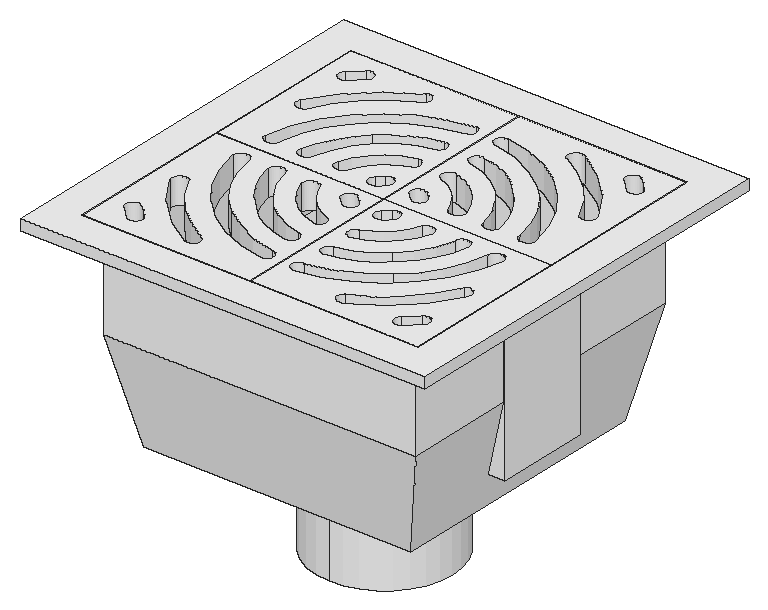
Revit family "FS720-30", category Plumbing Fixtures, host Face, Revit 2018
Family settings
  Host = Face
  Round Connector Dimension = Use Radius
  Part Type = Normal
  Cut with Voids When Loaded = No
  Shared = No
  Room Calculation Point = No
Parameters (values of type "FS724-30_4" Socket")
  WFU = 0
  URL = "WWW.MIFAB.COM"
  Pipe Radius = Pipe Diameter / 2  # 0' - 2"
  Pipe Diameter = 0' - 4"
  Model = "FS720-30"
  Manufacturer = "MIFAB"
  Floor Drain Material = Paint - Sherwin Williams Paint - #952C2A - Bellwood Red
  Description = "12” SQUARE X 6” DEEP PVC FLOOR SINK"
  Default Elevation = 0' - 0"
  CWFU = 0
  Body Height = 0' - 9 1/8"
  Assembly Code = ""
Types (4): name | Pipe Radius | Pipe Diameter
  (no name) | 0' - 2" | 0' - 4"
  FS722-30_2" Socket | 0' - 1" | 0' - 2"
  FS723-30_3" Socket | 0' - 1 1/2" | 0' - 3"
  FS724-30_4" Socket | 0' - 2" | 0' - 4"
Reference planes (in)
  plane 1 "Center (Front/Back)": y = 0
  plane 2: z = 0
  plane 3 "Center (Left/Right)": x = 0
  plane 4: z = -3
  plane 5: z = -2.375
  plane 6: y = -2
  plane 7: y = 2
  plane 8: z = -6
  plane 9: z = -9.125
  plane 10: x = -5.9
  plane 11: x = 5.9
  plane 12: y = 5.9
  plane 13: y = -5.9
  plane 14: x = -4.9
  plane 15: x = 4.9
  plane 16: y = 4.9
  plane 17: y = -4.9
  plane 18: z = -0.3149606
  plane 19: x = -4.4
  plane 20: x = 4.4
  plane 21: y = 4.4
  plane 22: y = -4.4
  plane 23: x = -3.9019734
  plane 24: x = 3.9019734
Forms (in)
  Revolve 1, solid, material "Paint - Sherwin Williams Paint - #952C2A - Bellwood Red" <- "Floor Drain Material"
    sketch origin (0, 0.0439589, -2.375) x (0, 1, 0) y (0, 0, 1)
      loop
        line (-2.0439589, -3.625) -> (-2.0439589, -6.75) -> (-1.8447402, -6.75) -> (-1.8447402, -3.625) -> (-2.0439589, -3.625)
      axis (-0.0439589, -6.75) -> (-0.0439589, -3.625)
    angle from 0 to 360
  Sweep 2, solid, material "Paint - Sherwin Williams Paint - #952C2A - Bellwood Red" <- "Floor Drain Material"
    path origin (0, 0, 0) x (1, 0, 0) y (0, 1, 0)
      loop
        line (4.9, 4.9) -> (-4.9, 4.9) -> (-4.9, -4.9) -> (4.9, -4.9) -> (4.9, 4.9)
    profile origin (4.9, 0, 0) x (1, 0, 0) y (0, 0, 1)
      loop
        line (0, -0.75) -> (-0.5, -0.75) -> (-0.5, -0.9023438) -> (0.1523438, -0.9023438) -> (0.1523438, -0.3149606) -> (0, -0.3149606) -> (0, -0.75)
  Extrusion 3, solid, material "Paint - Sherwin Williams Paint - #952C2A - Bellwood Red" <- "Floor Drain Material"
    sketch origin (0, 0, 0) x (1, 0, 0) y (0, 1, 0)
      loop
        line (-5.9, 5.9) -> (-5.9, -5.9) -> (5.9, -5.9) -> (5.9, 5.9) -> (-5.9, 5.9)
      loop
        line (-4.9, 4.9) -> (-4.9, -4.9) -> (4.9, -4.9) -> (4.9, 4.9) -> (-4.9, 4.9)
    from -0.3149606 to 0
  Sweep 4, solid, material "Paint - Sherwin Williams Paint - #952C2A - Bellwood Red" <- "Floor Drain Material"
    path origin (0, 0, 0) x (1, 0, 0) y (0, 1, 0)
      loop
        line (4.9, 4.9) -> (-4.9, 4.9) -> (-4.9, -4.9) -> (4.9, -4.9) -> (4.9, 4.9)
    profile origin (4.9, 0, 0) x (1, 0, 0) y (0, 0, 1)
      loop
        line (-0.5, -0.9023438) -> (-0.5, -3.13602) -> (-1.0559071, -5.7002842)
        arc (-1.0559071, -5.7002842) -> (-1.188837, -5.9157353) -> (-1.4275606, -6) r 0.3802866
        line (-1.4275606, -6) -> (-1.8477063, -6) -> (-1.8477063, -6.1523438) -> (-0.9980266, -6.1523438) -> (-0.3476562, -3.1523438) -> (-0.3476562, -0.9023438) -> (-0.5, -0.9023438)
  Extrusion 5, solid, material "Paint - Sherwin Williams Paint - #952C2A - Bellwood Red" <- "Floor Drain Material"
    sketch origin (0, 0, 0) x (1, 0, 0) y (0, 1, 0)
      loop
        line (-3.0522937, 3.0522937) -> (-3.0522937, -3.0522937) -> (3.0522937, -3.0522937) -> (3.0522937, 3.0522937) -> (-3.0522937, 3.0522937)
    from -6.1523438 to -6
  Extrusion 6, solid, material "Paint - Sherwin Williams Paint - #952C2A - Bellwood Red" <- "Floor Drain Material"
    sketch origin (0, 0, 0) x (1, 0, 0) y (0, 0, 1)
      loop
        line (4.5523438, -0.9023438) -> (4.5523438, -3.1523438) -> (4.1187635, -5.1523438) -> (4.6142071, -5.1523438) -> (4.6142071, -0.9023438) -> (4.5523438, -0.9023438)
    from -1.3724134 to 1.369582
Cuts and joins
  joined: Sweep 2, Extrusion 3, Sweep 4, Extrusion 5, Extrusion 6
Lines and regions (in)
  model lines, not visible
    curve 1: line (6.7156025, 0, 9.0761085) -> (12.5156025, 0, 9.0761085)
    curve 2: line (12.5156025, 0, 9.0761085) -> (12.5156025, 0, 10.8261085)
    curve 3: line (12.5156025, 0, 10.8261085) -> (6.7156025, 0, 10.8261085)
    curve 4: line (6.7156025, 0, 10.8261085) -> (6.7156025, 0, 9.0761085)
    curve 5: line (7.1316267, 0, 10.8653852) -> (7.1316267, 0, 12.8653852)
    curve 6: line (7.1316267, 0, 12.8653852) -> (15.5316267, 0, 12.8653852)
    curve 7: line (15.5316267, 0, 12.8653852) -> (15.5316267, 0, 10.8653852)
    curve 8: line (11.3316267, 0, 12.8653852) -> (11.3316267, 0, 12.3653852)
    curve 9: line (10.383061, 10.1787948, 0) -> (10.383061, 12.6787948, 0)
    curve 10: line (10.383061, 12.6787948, 0) -> (20.883061, 12.6787948, 0)
    curve 11: line (20.883061, 12.6787948, 0) -> (20.883061, 10.1787948, 0)
    curve 12: line (15.633061, 12.6787948, 0) -> (15.633061, 10.9287948, 0)
Dimensions and locks (in)
  equal spacing: plane 7, plane 1 "Center (Front/Back)", plane 6
  "Pipe Diameter": plane 7 to plane 6
  "Pipe Radius": plane 1 "Center (Front/Back)" to plane 6
  plane 2 to plane 9 = 0' - 9 1/8"
  locked: level to plane 8 at 6
  equal spacing: plane 10, plane 3 "Center (Left/Right)", plane 11
  locked: plane 10 to plane 11 at 11.8
  equal spacing: plane 12, plane 1 "Center (Front/Back)", plane 13
  locked: plane 12 to plane 13 at 11.8
  equal spacing: plane 14, plane 3 "Center (Left/Right)", plane 15
  locked: plane 14 to plane 15 at 9.8
  plane 17 to plane 1 "Center (Front/Back)" to plane 16 = 0' - 4.9", 0' - 4.9"
  locked: plane 17 to plane 16 at 9.8
  locked: plane 2 to plane 18 at 0.3149606
  "Body Height": plane 2 to plane 9
  equal spacing: plane 22, plane 1 "Center (Front/Back)", plane 21
  plane 22 to plane 21 = 0' - 8.8"
  equal spacing: plane 19, plane 3 "Center (Left/Right)", plane 20
  plane 19 to plane 20 = 0' - 8.8"
  host face to plane 8 = 0' - 6"
  equal spacing: plane 24, plane 3 "Center (Left/Right)", plane 23
  plane 24 to plane 23 = 0' - 7.80395"
  aligned and locked: plane 2 to host face
  aligned and locked: level to host face
  aligned and locked: Revolve 1 sketch curve to plane 9
  aligned and locked: Revolve 1 sketch curve to plane 8
  aligned and locked: plane 12 to Extrusion 3 sketch curve
  aligned and locked: plane 10 to Extrusion 3 sketch curve
  aligned and locked: plane 13 to Extrusion 3 sketch curve
  aligned and locked: plane 11 to Extrusion 3 sketch curve
  aligned and locked: Extrusion 3 sketch curve to plane 16
  aligned and locked: plane 14 to Extrusion 3 sketch curve
  aligned and locked: Extrusion 3 sketch curve to plane 17
  aligned and locked: plane 15 to Extrusion 3 sketch curve
  aligned and locked: Extrusion 3 to plane 18
  aligned and locked: level to Extrusion 3
  aligned and locked: plane 15 to Sweep 2 sketch curve
  aligned and locked: Sweep 2 sketch curve to plane 16
  aligned and locked: Sweep 2 sketch curve to plane 14
  aligned and locked: plane 17 to Sweep 2 sketch curve
  aligned and locked: Extrusion 3 to Sweep 2 sketch curve
  aligned and locked: Sweep 2 sketch curve to plane 20
  aligned and locked: plane 15 to Sweep 4 sketch curve
  aligned and locked: Sweep 4 sketch curve to plane 16
  aligned and locked: Sweep 4 sketch curve to plane 14
  aligned and locked: plane 17 to Sweep 4 sketch curve
  aligned and locked: Sweep 4 sketch curve to plane 8
  aligned and locked: Extrusion 5 sketch curve to Sweep 4  (x4)
  aligned and locked: Sweep 4 to Extrusion 5
  aligned and locked: Extrusion 5 to Revolve 1
  aligned and locked: cut or joined group of Sweep 2, Extrusion 3, Sweep 4, Extrusion 5, Extrusion 6 to Extrusion 6 sketch curve
  aligned and locked: Extrusion 6 sketch curve to cut or joined group of Sweep 2, Extrusion 3, Sweep 4, Extrusion 5, Extrusion 6
  aligned and locked: plane 1 "Center (Front/Back)" to nested 1
  aligned and locked: plane 3 "Center (Left/Right)" to nested 1
  aligned and locked: level to cut or joined group of Sweep 2, Extrusion 3, Sweep 4, Extrusion 5, Extrusion 6
Automatic sketch dimensions
  curve 5 to curve 7 = 0' - 8.4"
  curve 5 to curve 8 = 0' - 4.2"
  curve 5 to curve 5 = 0' - 2"
  curve 7 to curve 6 = 0' - 2"
  curve 8 to curve 8 = 0' - 0 1/2"
  host sketch curve to host sketch curve = 8' - 0"  (x2)
  Revolve 1 sketch curve to plane 6 = 0' - 0"
  Revolve 1 sketch curve to plane 1 "Center (Front/Back)" = 0' - 0"
  Revolve 1 sketch curve to plane 6 = 0' - 0 51/256"
  plane 9 to Revolve 1 sketch curve = 0' - 0 1/8"
  Revolve 1 sketch curve to plane 8 = 0' - 1 1/4"
  profile plane to Sweep 2 sketch curve = 0' - 0"
  Sweep 2 sketch curve to profile plane = 0' - 0 39/256"
  Sweep 2 sketch curve to Sweep 2 sketch curve = 0' - 0.43504"
  Sweep 2 sketch curve to Sweep 2 sketch curve = 0' - 0 39/256"
  profile plane to Sweep 4 sketch curve = 0' - 1.84771"
  Sweep 4 sketch curve to Sweep 4 sketch curve = 0' - 0.42015"
  Sweep 4 sketch curve to Sweep 4 sketch curve = 0' - 0.37165"
  Sweep 4 sketch curve to Sweep 4 sketch curve = 0' - 0.42953"
  profile plane to Sweep 4 sketch curve = 0' - 0 1/2"
  Sweep 4 sketch curve to Sweep 4 sketch curve = 0' - 0 39/256"  (x2)
  Sweep 4 sketch curve to Sweep 4 sketch curve = 0' - 0.45206"
  Sweep 4 sketch curve to Sweep 4 sketch curve = 0' - 2.54794"
  Sweep 4 sketch curve to Sweep 4 sketch curve = 0' - 0.01632"
  Sweep 4 sketch curve to level = 0' - 0 231/256"
  plane 24 to Extrusion 6 sketch curve = 0' - 0.21679"
  plane 20 to Extrusion 6 sketch curve = 0' - 0.21421"
  Extrusion 6 sketch curve to plane 18 = 0' - 0.58738"
Nested families (in)
  nested 1: "Jali-1" at (0, 0, 0), type "Jali-1"
Connectors (in)
  piping at (0, 0, -9.125), diameter 4, driven by "Pipe Radius", driven by "WFU"
    settings: on Revolve 1, index 2, connector inside diameter 2", connector length 0' - 0", flow factor 0, pipe flow 0 GPM, pressure drop 0.00 psi, fitting loss kfactor 0, connector angle 0.00°, fixture units 0, engagement length 0' - 0", angle of deflection 0.00°, flow configuration 3, flow direction 2, fitting loss method 0, system type 16, joint type 0, gender type 0, connector reference index -1, connector utility 0, adjustable connector no, is connector primary yes, connector description "Sanitary Out"
Definition of nested family "Jali-1"
  Parameters (values of type "Jali-1")
    Material = none
    Floor Drain Material = none
  Reference planes (in)
    plane 1 "Center (Front/Back)": y = 0
    plane 2: z = 0
    plane 3 "Center (Left/Right)": x = 0
  Forms (in)
    Extrusion 1, solid, material <- "Floor Drain Material"
      sketch origin (0, 0, 0) x (1, 0, 0) y (0, 1, 0)
        loop
          line (0, 4.9) -> (0, 0) -> (4.9, 0) -> (4.9, 4.9) -> (0, 4.9)
        loop
          arc (4.0724491, 3.7314976) -> (4.3752362, 3.7314976) -> (4.3752362, 4.0342847) r 0.2141028
          line (4.3752362, 4.0342847) -> (4.0411452, 4.3683756)
          arc (4.0411452, 4.3683756) -> (3.7383582, 4.3683756) -> (3.7383582, 4.0655886) r 0.2141028
          line (3.7383582, 4.0655886) -> (4.0724491, 3.7314976)
        loop
          arc (2.3206148, 4.4) -> (2.0354851, 4.3224098) -> (2.0854195, 4.0311612) r 0.2197323
          arc (2.0854195, 4.0311612) -> (3.2075416, 3.2298868) -> (3.9995285, 2.1011905) r 4.0888899
          arc (3.9995285, 2.1011905) -> (4.2869911, 2.089499) -> (4.3505165, 2.3700983) r 0.2247915
          arc (4.3505165, 2.3700983) -> (3.4960449, 3.5455284) -> (2.3206148, 4.4) r 4.6524334
        loop
          arc (0.46389, 3.9098956) -> (0.2567624, 3.702768) -> (0.46389, 3.4956404) r 0.2071276
          arc (0.46389, 3.4956404) -> (1.4741292, 3.1793868) -> (2.364669, 2.607077) r 3.964575
          arc (2.364669, 2.607077) -> (3.1077657, 1.6992261) -> (3.484031, 0.588006) r 3.2815365
          arc (3.484031, 0.588006) -> (3.7168165, 0.3552205) -> (3.949602, 0.588006) r 0.2327855
          arc (3.949602, 0.588006) -> (2.7657203, 2.8354915) -> (0.46389, 3.9098956) r 3.9820297
        loop
          arc (2.9277618, 0.5975919) -> (2.6183464, 1.4271628) -> (2.0670333, 2.1199684) r 2.8210589
          arc (2.0670333, 2.1199684) -> (1.3929753, 2.6412023) -> (0.5839244, 2.9085514) r 2.5249821
          arc (0.5839244, 2.9085514) -> (0.3363269, 2.7258203) -> (0.5190579, 2.4782228) r 0.217595
          arc (0.5190579, 2.4782228) -> (1.1714894, 2.2612194) -> (1.7305385, 1.8609427) r 2.2983693
          arc (1.7305385, 1.8609427) -> (2.2056296, 1.2394929) -> (2.4808889, 0.5072746) r 2.6782002
          arc (2.4808889, 0.5072746) -> (2.749484, 0.3289968) -> (2.9277618, 0.5975919) r 0.2279543
        loop
          arc (1.8985114, 0.6630101) -> (1.3910759, 1.4658976) -> (0.5547473, 1.9160904) r 1.8706495
          arc (0.5547473, 1.9160904) -> (0.3158213, 1.7520977) -> (0.4534823, 1.4970904) r 0.2167603
          arc (0.4534823, 1.4970904) -> (1.0820738, 1.0990199) -> (1.4801442, 0.4704284) r 1.6980895
          arc (1.4801442, 0.4704284) -> (1.7743233, 0.3820738) -> (1.8985114, 0.6630101) r 0.2320767
        loop
          arc (0.4808938, 0.3364358) -> (0.7836809, 0.3364358) -> (0.7836809, 0.6392228) r 0.2141028
          line (0.7836809, 0.6392228) -> (0.6163236, 0.8065801)
          arc (0.6163236, 0.8065801) -> (0.3135365, 0.8065801) -> (0.3135365, 0.5037931) r 0.2141028
          line (0.3135365, 0.5037931) -> (0.4808938, 0.3364358)
      from -0.75 to 0
    Extrusion 2, solid, material <- "Floor Drain Material"
      sketch origin (0, 0, 0) x (1, 0, 0) y (0, 1, 0)
        loop
          line (0, -4.9) -> (4.9, -4.9) -> (4.9, 0) -> (0, 0) -> (0, -4.9)
        loop
          line (4.0724491, -3.7314976) -> (3.7383582, -4.0655886)
          arc (3.7383582, -4.0655886) -> (3.7383582, -4.3683756) -> (4.0411452, -4.3683756) r 0.2141028
          line (4.0411452, -4.3683756) -> (4.3752362, -4.0342847)
          arc (4.3752362, -4.0342847) -> (4.3752362, -3.7314976) -> (4.0724491, -3.7314976) r 0.2141028
        loop
          arc (2.3206148, -4.4) -> (3.4960449, -3.5455284) -> (4.3505165, -2.3700983) r 4.6524334
          arc (4.3505165, -2.3700983) -> (4.2869911, -2.089499) -> (3.9995285, -2.1011905) r 0.2247915
          arc (3.9995285, -2.1011905) -> (3.2075416, -3.2298868) -> (2.0854195, -4.0311612) r 4.0888899
          arc (2.0854195, -4.0311612) -> (2.0354851, -4.3224098) -> (2.3206148, -4.4) r 0.2197323
        loop
          arc (0.46389, -3.9098956) -> (2.7657203, -2.8354915) -> (3.949602, -0.588006) r 3.9820297
          arc (3.949602, -0.588006) -> (3.7168165, -0.3552205) -> (3.484031, -0.588006) r 0.2327855
          arc (3.484031, -0.588006) -> (3.1077657, -1.6992261) -> (2.364669, -2.607077) r 3.2815365
          arc (2.364669, -2.607077) -> (1.4741292, -3.1793868) -> (0.46389, -3.4956404) r 3.964575
          arc (0.46389, -3.4956404) -> (0.2567624, -3.702768) -> (0.46389, -3.9098956) r 0.2071276
        loop
          arc (2.9277618, -0.5975919) -> (2.749484, -0.3289968) -> (2.4808889, -0.5072746) r 0.2279543
          arc (2.4808889, -0.5072746) -> (2.2056296, -1.2394929) -> (1.7305385, -1.8609427) r 2.6782002
          arc (1.7305385, -1.8609427) -> (1.1714894, -2.2612194) -> (0.5190579, -2.4782228) r 2.2983693
          arc (0.5190579, -2.4782228) -> (0.3363269, -2.7258203) -> (0.5839244, -2.9085514) r 0.217595
          arc (0.5839244, -2.9085514) -> (1.3929753, -2.6412023) -> (2.0670333, -2.1199684) r 2.5249821
          arc (2.0670333, -2.1199684) -> (2.6183464, -1.4271628) -> (2.9277618, -0.5975919) r 2.8210589
        loop
          arc (1.8985114, -0.6630101) -> (1.7743233, -0.3820738) -> (1.4801442, -0.4704284) r 0.2320767
          arc (1.4801442, -0.4704284) -> (1.0820738, -1.0990199) -> (0.4534823, -1.4970904) r 1.6980895
          arc (0.4534823, -1.4970904) -> (0.3158213, -1.7520977) -> (0.5547473, -1.9160904) r 0.2167603
          arc (0.5547473, -1.9160904) -> (1.3910759, -1.4658976) -> (1.8985114, -0.6630101) r 1.8706495
        loop
          line (0.4808938, -0.3364358) -> (0.3135365, -0.5037931)
          arc (0.3135365, -0.5037931) -> (0.3135365, -0.8065801) -> (0.6163236, -0.8065801) r 0.2141028
          line (0.6163236, -0.8065801) -> (0.7836809, -0.6392228)
          arc (0.7836809, -0.6392228) -> (0.7836809, -0.3364358) -> (0.4808938, -0.3364358) r 0.2141028
      from -0.75 to 0
    Extrusion 3, solid, material <- "Floor Drain Material"
      sketch origin (0, 0, 0) x (-1, 0, 0) y (0, -1, 0)
        loop
          line (0, -4.9) -> (4.9, -4.9) -> (4.9, 0) -> (0, 0) -> (0, -4.9)
        loop
          line (4.0724491, -3.7314976) -> (3.7383582, -4.0655886)
          arc (3.7383582, -4.0655886) -> (3.7383582, -4.3683756) -> (4.0411452, -4.3683756) r 0.2141028
          line (4.0411452, -4.3683756) -> (4.3752362, -4.0342847)
          arc (4.3752362, -4.0342847) -> (4.3752362, -3.7314976) -> (4.0724491, -3.7314976) r 0.2141028
        loop
          arc (2.3206148, -4.4) -> (3.4960449, -3.5455284) -> (4.3505165, -2.3700983) r 4.6524334
          arc (4.3505165, -2.3700983) -> (4.2869911, -2.089499) -> (3.9995285, -2.1011905) r 0.2247915
          arc (3.9995285, -2.1011905) -> (3.2075416, -3.2298868) -> (2.0854195, -4.0311612) r 4.0888899
          arc (2.0854195, -4.0311612) -> (2.0354851, -4.3224098) -> (2.3206148, -4.4) r 0.2197323
        loop
          arc (0.46389, -3.9098956) -> (2.7657203, -2.8354915) -> (3.949602, -0.588006) r 3.9820297
          arc (3.949602, -0.588006) -> (3.7168165, -0.3552205) -> (3.484031, -0.588006) r 0.2327855
          arc (3.484031, -0.588006) -> (3.1077657, -1.6992261) -> (2.364669, -2.607077) r 3.2815365
          arc (2.364669, -2.607077) -> (1.4741292, -3.1793868) -> (0.46389, -3.4956404) r 3.964575
          arc (0.46389, -3.4956404) -> (0.2567624, -3.702768) -> (0.46389, -3.9098956) r 0.2071276
        loop
          arc (2.9277618, -0.5975919) -> (2.749484, -0.3289968) -> (2.4808889, -0.5072746) r 0.2279543
          arc (2.4808889, -0.5072746) -> (2.2056296, -1.2394929) -> (1.7305385, -1.8609427) r 2.6782002
          arc (1.7305385, -1.8609427) -> (1.1714894, -2.2612194) -> (0.5190579, -2.4782228) r 2.2983693
          arc (0.5190579, -2.4782228) -> (0.3363269, -2.7258203) -> (0.5839244, -2.9085514) r 0.217595
          arc (0.5839244, -2.9085514) -> (1.3929753, -2.6412023) -> (2.0670333, -2.1199684) r 2.5249821
          arc (2.0670333, -2.1199684) -> (2.6183464, -1.4271628) -> (2.9277618, -0.5975919) r 2.8210589
        loop
          arc (1.8985114, -0.6630101) -> (1.7743233, -0.3820738) -> (1.4801442, -0.4704284) r 0.2320767
          arc (1.4801442, -0.4704284) -> (1.0820738, -1.0990199) -> (0.4534823, -1.4970904) r 1.6980895
          arc (0.4534823, -1.4970904) -> (0.3158213, -1.7520977) -> (0.5547473, -1.9160904) r 0.2167603
          arc (0.5547473, -1.9160904) -> (1.3910759, -1.4658976) -> (1.8985114, -0.6630101) r 1.8706495
        loop
          line (0.4808938, -0.3364358) -> (0.3135365, -0.5037931)
          arc (0.3135365, -0.5037931) -> (0.3135365, -0.8065801) -> (0.6163236, -0.8065801) r 0.2141028
          line (0.6163236, -0.8065801) -> (0.7836809, -0.6392228)
          arc (0.7836809, -0.6392228) -> (0.7836809, -0.3364358) -> (0.4808938, -0.3364358) r 0.2141028
      from -0.75 to 0
    Extrusion 4, solid, material <- "Floor Drain Material"
      sketch origin (0, 0, 0) x (-1, 0, 0) y (0, -1, 0)
        loop
          line (0, 4.9) -> (0, 0) -> (4.9, 0) -> (4.9, 4.9) -> (0, 4.9)
        loop
          arc (4.0724491, 3.7314976) -> (4.3752362, 3.7314976) -> (4.3752362, 4.0342847) r 0.2141028
          line (4.3752362, 4.0342847) -> (4.0411452, 4.3683756)
          arc (4.0411452, 4.3683756) -> (3.7383582, 4.3683756) -> (3.7383582, 4.0655886) r 0.2141028
          line (3.7383582, 4.0655886) -> (4.0724491, 3.7314976)
        loop
          arc (2.3206148, 4.4) -> (2.0354851, 4.3224098) -> (2.0854195, 4.0311612) r 0.2197323
          arc (2.0854195, 4.0311612) -> (3.2075416, 3.2298868) -> (3.9995285, 2.1011905) r 4.0888899
          arc (3.9995285, 2.1011905) -> (4.2869911, 2.089499) -> (4.3505165, 2.3700983) r 0.2247915
          arc (4.3505165, 2.3700983) -> (3.4960449, 3.5455284) -> (2.3206148, 4.4) r 4.6524334
        loop
          arc (0.46389, 3.9098956) -> (0.2567624, 3.702768) -> (0.46389, 3.4956404) r 0.2071276
          arc (0.46389, 3.4956404) -> (1.4741292, 3.1793868) -> (2.364669, 2.607077) r 3.964575
          arc (2.364669, 2.607077) -> (3.1077657, 1.6992261) -> (3.484031, 0.588006) r 3.2815365
          arc (3.484031, 0.588006) -> (3.7168165, 0.3552205) -> (3.949602, 0.588006) r 0.2327855
          arc (3.949602, 0.588006) -> (2.7657203, 2.8354915) -> (0.46389, 3.9098956) r 3.9820297
        loop
          arc (2.9277618, 0.5975919) -> (2.6183464, 1.4271628) -> (2.0670333, 2.1199684) r 2.8210589
          arc (2.0670333, 2.1199684) -> (1.3929753, 2.6412023) -> (0.5839244, 2.9085514) r 2.5249821
          arc (0.5839244, 2.9085514) -> (0.3363269, 2.7258203) -> (0.5190579, 2.4782228) r 0.217595
          arc (0.5190579, 2.4782228) -> (1.1714894, 2.2612194) -> (1.7305385, 1.8609427) r 2.2983693
          arc (1.7305385, 1.8609427) -> (2.2056296, 1.2394929) -> (2.4808889, 0.5072746) r 2.6782002
          arc (2.4808889, 0.5072746) -> (2.749484, 0.3289968) -> (2.9277618, 0.5975919) r 0.2279543
        loop
          arc (1.8985114, 0.6630101) -> (1.3910759, 1.4658976) -> (0.5547473, 1.9160904) r 1.8706495
          arc (0.5547473, 1.9160904) -> (0.3158213, 1.7520977) -> (0.4534823, 1.4970904) r 0.2167603
          arc (0.4534823, 1.4970904) -> (1.0820738, 1.0990199) -> (1.4801442, 0.4704284) r 1.6980895
          arc (1.4801442, 0.4704284) -> (1.7743233, 0.3820738) -> (1.8985114, 0.6630101) r 0.2320767
        loop
          arc (0.4808938, 0.3364358) -> (0.7836809, 0.3364358) -> (0.7836809, 0.6392228) r 0.2141028
          line (0.7836809, 0.6392228) -> (0.6163236, 0.8065801)
          arc (0.6163236, 0.8065801) -> (0.3135365, 0.8065801) -> (0.3135365, 0.5037931) r 0.2141028
          line (0.3135365, 0.5037931) -> (0.4808938, 0.3364358)
      from -0.75 to 0
  Dimensions and locks (in)
    aligned and locked: level to plane 2
